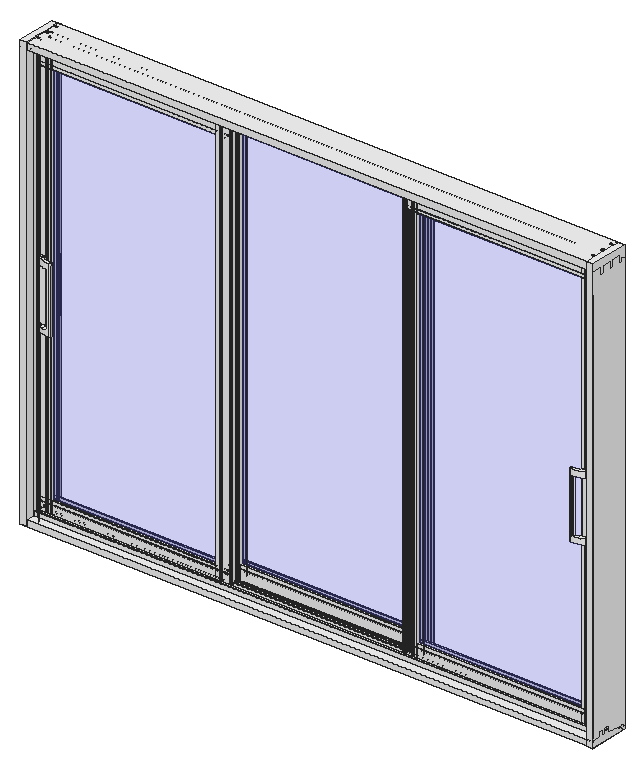
Revit family "Patio-Door_R-550-2-0_3-Light_XOX_7in_Novatech", category Doors, host Wall, Revit 2026
Family settings
  Host = Wall
  Classification Number = 23.30.10.00
  Always vertical = Yes
  Cut with Voids When Loaded = No
  Shared = No
  Room Calculation Point = No
Parameters (values of type "105"W X 79 1/2"H")
  Width Sash X = (Width / 3) + 101/128"  # 35 101/128"
  Width Sash O = (Width / 3) + 101/128"  # 35 101/128"
  Specification = "https://www.arcat.com/company/novatech-group-51586/spec"
  Product Page URL = "https://www.arcat.com/arcatcos/cos51/arc51586.html"
  Model_Sash to Reference Line = (Width - 2 37/128") / 3  # 34.23698"
  View Handle = yes
  URL = "https://www.groupenovatech.com/en_canada_ontario/products/patio‐doors/550.html"
  Thickness = 7 1/4"
  Rough Width = Width + 1/2"  # 105 1/2"
  Rough Height = Height + 1/2"  # 80"
  Panel Material = Glass
  Model = "550"
  Manufacturer = "Novatech"
  Look Handle = yes
  Keynote = "08 32 00"
  Height Sash X = Height - 3 37/64"  # 75 59/64"
  Height Sash O = Height - 3 37/64"  # 75 59/64"
  Hardware Material = Aluminum
  Handle Height = 38"
  Function = Interior
  Height = 79 1/2"
  Wall Closure = By host
  Width = 105"
  Frame Material = Aluminum
  Define Thermal Properties by = Schematic Type
  Copyright = "ARCAT"
  CAD Details = "https://www.arcat.com/company/novatech-group-51586/cad"
  Analytic Construction = "<None>"
Reference planes (in)
  plane 1 "Center (Front/Back)": y = 0
  plane 2 "Center (Left/Right)": x = 0
  plane 3 "Left": x = -52.5
  plane 4 "Right": x = 52.5
  plane 5 "Top": z = 79.5
  plane 6 "Exterior": y = 4
  plane 7 "Interior": y = -4
  plane 8: x = -51.35236
  plane 9: z = 1.63526
  plane 10: z = 77.55713
  plane 11: x = 51.35626
  plane 12: z = 38
  plane 13: x = -17.11538
  plane 14: x = 17.11928
  plane 15 "Panel 1": y = -0.84548
  plane 16 "Panel 2": y = 1.36384
Text (in)
  text "Exterior" at (-104.41165, 27.31104, 0), in view "Ref. Level"
  text "Interior" at (-104.41165, -25.14366, 0), in view "Ref. Level"
  text "Exterior" at (0, 40.15149, 123.01588), in view "Right"
  text "Interior" at (0, -64.39139, 123.01588), in view "Right"
  text "Interior" at (0, -31.01599, 123.00693), in view "Left"
  text "Exterior" at (0, 54.57065, 123.00693), in view "Left"
Dimensions and locks (in)
  "Model_Sash to Reference Line": plane 8 to plane 13
  "Model_Sash to Reference Line": plane 14 to plane 11
  locked: plane 3 "Left" to plane 8 at 1.14764
  locked: plane 11 to plane 4 "Right" at 1.14374
  "Height": plane 5 "Top" to level
  "Handle Height": plane 12 to level
  "Width": plane 3 "Left" to plane 4 "Right"
  equal spacing: plane 3 "Left", plane 2 "Center (Left/Right)", plane 4 "Right"
  "Height Sash X": plane 10 to plane 9
  locked: plane 3 "Left" to nested 6 at 2.74076
  locked: plane 3 "Left" to nested 7 at 2.74076
  locked: nested 2 to plane 4 "Right" at 2.74072
  locked: nested 3 to plane 4 "Right" at 2.74072
  locked: plane 15 "Panel 1" to nested 6 at 0.76968
  locked: nested 7 to plane 15 "Panel 1" at 0.8878
  locked: plane 15 "Panel 1" to nested 2 at 0.77605
  locked: nested 3 to plane 15 "Panel 1" at 0.88143
  locked: plane 7 "Interior" to plane 15 "Panel 1" at 3.15452
  locked: plane 7 "Interior" to plane 16 "Panel 2" at 5.36384
  locked: plane 7 "Interior" to nested 4 at 2.71644
  locked: plane 9 to level at 1.63526
  aligned and locked: plane 6 "Exterior" to host wall
  aligned and locked: plane 7 "Interior" to host wall
  aligned and locked: plane 3 "Left" to nested 1
  aligned and locked: plane 4 "Right" to nested 1
  aligned and locked: nested 5 to plane 16 "Panel 2"
  aligned and locked: plane 8 to nested 1
  aligned and locked: nested 5 to plane 13
  aligned and locked: nested 8 to plane 13
  aligned and locked: plane 14 to nested 5
  aligned and locked: plane 14 to nested 4
  aligned and locked: plane 11 to nested 1
  aligned and locked: nested 7 to plane 12
  aligned and locked: plane 12 to nested 3
  aligned and locked: plane 12 to nested 2
  aligned and locked: nested 6 to plane 12
  aligned and locked: nested 1 to plane 7 "Interior"
  aligned and locked: plane 9 to nested 8
  aligned and locked: plane 10 to nested 8
  aligned and locked: nested 5 to plane 9
  aligned and locked: nested 5 to plane 10
  aligned and locked: nested 4 to plane 9
  aligned and locked: nested 4 to plane 10
  aligned and locked: plane 15 "Panel 1" to nested 8
Nested families (in)
  nested 1: "NOVATECH_R-550 (2.0)_3 LIGHT_XOX_7in_DOOR FRAME" at (0, 0, 0) x (-1, 0, 0) z (0, 0, 1), type "DOOR FRAME"
    with Height 79 1/2", Width 105"
  nested 2: "NOVATECH_R-550 (2.0)_3 LIGHT_XOX_7in_LOOK HANDLE" at (49.75928, -1.72691, 32) x (-1, 0, 0) z (0, 0, 1), visible <- "Look Handle", type "LOOK HANDLE"
  nested 3: "NOVATECH_R-550 (2.0)_3 LIGHT_XOX_7in_VIEW HANDLE" at (49.75928, -1.72691, 32) x (-1, 0, 0) z (0, 0, 1), visible <- "View Handle", type "VIEW HANDLE"
  nested 4: "NOVATECH_R-550 (2.0)_3 LIGHT_XOX_7in_SASH_X" at (34.23777, -0.0766, 1.63526) x (-1, 0, 0) z (0, 0, 1), type "SASH_X"
    with Width 34.23698", Height 75 59/64"
  nested 5: "NOVATECH_R-550 (2.0)_3 LIGHT_XOX_7in_SASH_O_MID" at (0.00311, 2.13353, 1.63526) x (-1, 0, 0) z (0, 0, 1), type "SASH_O_MID"
    with Width 34.23698", Height 75 59/64"
  nested 6: "NOVATECH_R-550 (2.0)_3 LIGHT_XOX_7in_LOOK HANDLE" at (-49.75924, -1.73328, 32), visible <- "Look Handle", type "LOOK HANDLE"
  nested 7: "NOVATECH_R-550 (2.0)_3 LIGHT_XOX_7in_VIEW HANDLE" at (-49.75924, -1.73328, 32), visible <- "View Handle", type "VIEW HANDLE"
  nested 8: "NOVATECH_R-550 (2.0)_3 LIGHT_XOX_7in_SASH_X" at (-34.23387, -0.0758, 1.63526), type "SASH_X"
    with Width 34.23698", Height 75 59/64"
Definition of nested family "NOVATECH_R-550 (2.0)_3 LIGHT_XOX_7in_DOOR FRAME"
  Parameters (values of type "DOOR FRAME")
    Function = (empty or 0)
    Height = 81"
    Wall Closure = (empty or 0)
    Width = 82 1/2"
    Frame Thickness = 7.24409"
    Frame Material = none
    Define Thermal Properties by = 1
    Analytic Construction = "<None>"
  Reference planes (in)
    plane 1 "Center (Front/Back)": y = 0
    plane 2 "Center (Left/Right)": x = 0
    plane 3 "Left": x = -41.25
    plane 4 "Right": x = 41.25
    plane 5 "Top": z = 81
    plane 6 "Exterior": y = 4
    plane 7 "Interior": y = -4
    plane 8: y = -3.24409
  Lines and regions (in)
    Opening 1
      outline origin (-90, -4, 0) x (1, 0, 0) y (0, 0, 1)
        loop
          line (48.75, 0) -> (131.25, 0) -> (131.25, 81) -> (48.75, 81) -> (48.75, 0)
  Text (in)
    text "Exterior" at (-74.96733, 27.31104, 0), in view "Ref. Level"
    text "Interior" at (-74.96733, -25.14366, 0), in view "Ref. Level"
    text "Exterior" at (0, 40.15149, 123.01588), in view "Right"
    text "Interior" at (0, -64.39139, 123.01588), in view "Right"
    text "Interior" at (0, -31.01599, 123.00693), in view "Left"
    text "Exterior" at (0, 54.57065, 123.00693), in view "Left"
  Dimensions and locks (in)
    equal spacing: plane 3 "Left", plane 2 "Center (Left/Right)", plane 4 "Right"
    "Height": level to plane 5 "Top"
    "Width": plane 3 "Left" to plane 4 "Right"
    "Frame Thickness": plane 6 "Exterior" to plane 8
    aligned and locked: plane 3 "Left" to Opening 1 sketch curve
    aligned and locked: plane 5 "Top" to Opening 1 sketch curve  (x2)
    aligned and locked: Opening 1 sketch curve to plane 4 "Right"
    aligned and locked: Opening 1 sketch curve to level
    aligned and locked: plane 6 "Exterior" to host wall
    aligned and locked: plane 7 "Interior" to host wall
    aligned and locked: nested 2 to plane 3 "Left"
    aligned and locked: nested 2 to plane 4 "Right"
    aligned and locked: nested 3 to plane 6 "Exterior"
    aligned and locked: plane 3 "Left" to nested 3
    aligned and locked: level to nested 2
    aligned and locked: nested 2 to plane 6 "Exterior"
    aligned and locked: plane 6 "Exterior" to nested 1
    aligned and locked: nested 1 to plane 5 "Top"
    aligned and locked: nested 1 to plane 3 "Left"
    aligned and locked: plane 4 "Right" to nested 1
    aligned and locked: plane 6 "Exterior" to nested 4
    aligned and locked: plane 4 "Right" to nested 4
  Nested families (in)
    nested 1: "HEADER PROFILE" at (-41.25, 4.1877, 81), type "HEADER PROFILE"
      with Length 82 1/2"
    nested 2: "NOVATECH_650_2 LIGHT_SILL PROFILE" at (41.25, 4, 0) x (-1, 0, 0) z (0, 0, 1), type "SILL PROFILE"
      with built-in parameter 1001306 6.875 (stored number, unit not read)
    nested 3: "NOVATECH 650_2 LIGHT_DOOR FRAME_LEFT" at (-41.25, 4, 0) x (0, -1, 0) z (0, 0, 1), type "NOVATECH 650_2 LIGHT_DOOR FRAME_LEFT"
    nested 4: "NOVATECH 650_2 LIGHT_DOOR FRAME_RIGHT" at (41.25, 4, 0) x (0, -1, 0) z (0, 0, 1), type "NOVATECH 650_2 LIGHT_DOOR FRAME_RIGHT"
  Definition of nested family "HEADER PROFILE"
    Parameters (values of type "HEADER PROFILE")
      Length [instance] = 12"
      Frame Material = none
      Default Elevation = 0"
    Reference planes (in)
      plane 1 "Center (Front/Back)": y = -0.1877
      plane 2: z = 0
      plane 3 "Center (Left/Right)": x = 0
      plane 4: x = 12
    Forms (in)
      Extrusion 1, solid, material <- "Frame Material"
        sketch origin (0, -7.24409, -4.50465) x (0, 1, 0) y (0, 0, 1)
          loop
            line (5.13279, 3.29203) -> (7.0564, 3.29203) -> (7.0564, 4.50465) -> (-0.1877, 4.50465) -> (-0.1877, 2.55546)
            arc (-0.1877, 2.55546) -> (-0.1552, 2.52297) -> (-0.1227, 2.55547) r 0.0325
            line (-0.1227, 2.55547) -> (-0.12276, 3.29129) -> (0.25521, 3.29129) -> (0.25521, 2.84166)
            arc (0.25521, 2.84166) -> (0.26685, 2.81816) -> (0.29261, 2.8132) r 0.02953
            arc (0.29261, 2.8132) -> (0.31836, 2.81816) -> (0.33, 2.84166) r 0.02953
            line (0.33, 2.84166) -> (0.33, 3.29129) -> (0.69423, 3.29129) -> (0.69423, 2.19955)
            arc (0.69423, 2.19955) -> (0.7118, 2.15713) -> (0.75422, 2.13956) r 0.05999
            line (0.75422, 2.13956) -> (0.81522, 2.13956)
            arc (0.81522, 2.13956) -> (0.85764, 2.15713) -> (0.87521, 2.19955) r 0.05999
            line (0.87521, 2.19955) -> (0.87521, 2.25259)
            arc (0.87521, 2.25259) -> (0.84972, 2.26998) -> (0.82422, 2.25259) r 0.02739
            line (0.82422, 2.25259) -> (0.82422, 2.20455) -> (0.77268, 2.20455)
            arc (0.77268, 2.20455) -> (0.75528, 2.2213) -> (0.75922, 2.24512) r 0.02594
            arc (0.75922, 2.24512) -> (0.77544, 2.26759) -> (0.75922, 2.29005) r 0.02367
            line (0.75922, 2.29005) -> (0.75922, 2.33559)
            arc (0.75922, 2.33559) -> (0.77473, 2.35806) -> (0.75922, 2.38052) r 0.02403
            line (0.75922, 2.38052) -> (0.75922, 2.42611)
            arc (0.75922, 2.42611) -> (0.7747, 2.44857) -> (0.75922, 2.47104) r 0.02404
            arc (0.75922, 2.47104) -> (0.75299, 2.49662) -> (0.77468, 2.51157) r 0.02321
            line (0.77468, 2.51157) -> (0.82422, 2.51157) -> (0.82422, 2.46357)
            arc (0.82422, 2.46357) -> (0.84972, 2.44456) -> (0.87521, 2.46357) r 0.0266
            line (0.87521, 2.46357) -> (0.87521, 3.29129) -> (2.68703, 3.29129) -> (2.68703, 2.46238)
            arc (2.68703, 2.46238) -> (2.71103, 2.44596) -> (2.73803, 2.45675) r 0.03088
            line (2.73803, 2.45675) -> (2.73803, 2.49661)
            arc (2.73803, 2.49661) -> (2.76353, 2.51731) -> (2.78902, 2.49661) r 0.02605
            line (2.78902, 2.49661) -> (2.78902, 2.21955)
            arc (2.78902, 2.21955) -> (2.76353, 2.20165) -> (2.73803, 2.21955) r 0.02711
            line (2.73803, 2.21955) -> (2.73803, 2.25254)
            arc (2.73803, 2.25254) -> (2.71253, 2.26976) -> (2.68703, 2.25254) r 0.02749
            line (2.68703, 2.25254) -> (2.68703, 2.19955)
            arc (2.68703, 2.19955) -> (2.70461, 2.15713) -> (2.74703, 2.13956) r 0.05999
            line (2.74703, 2.13956) -> (2.98101, 2.13956)
            arc (2.98101, 2.13956) -> (3.02343, 2.15713) -> (3.041, 2.19955) r 0.05999
            line (3.041, 2.19955) -> (3.041, 2.25254)
            arc (3.041, 2.25254) -> (3.0155, 2.27015) -> (2.99, 2.25254) r 0.02726
            line (2.99, 2.25254) -> (2.99, 2.21955)
            arc (2.99, 2.21955) -> (2.96451, 2.20197) -> (2.93901, 2.21955) r 0.02728
            line (2.93901, 2.21955) -> (2.93901, 2.49661)
            arc (2.93901, 2.49661) -> (2.96451, 2.51514) -> (2.99, 2.49661) r 0.02681
            line (2.99, 2.49661) -> (2.99, 2.46362)
            arc (2.99, 2.46362) -> (3.0155, 2.44518) -> (3.041, 2.46362) r 0.02685
            line (3.041, 2.46362) -> (3.041, 3.29129) -> (4.85282, 3.29129) -> (4.85282, 2.60608) -> (4.85282, 2.46358)
            arc (4.85282, 2.46358) -> (4.87832, 2.44433) -> (4.90382, 2.46358) r 0.02651
            line (4.90382, 2.46358) -> (4.90382, 2.49665)
            arc (4.90382, 2.49665) -> (4.92931, 2.51514) -> (4.95481, 2.49665) r 0.02682
            line (4.95481, 2.49665) -> (4.95481, 2.21951)
            arc (4.95481, 2.21951) -> (4.92931, 2.20154) -> (4.90382, 2.21951) r 0.02707
            line (4.90382, 2.21951) -> (4.90382, 2.25258)
            arc (4.90382, 2.25258) -> (4.87832, 2.2698) -> (4.85282, 2.25258) r 0.02749
            line (4.85282, 2.25258) -> (4.85282, 2.1994)
            arc (4.85282, 2.1994) -> (4.87035, 2.15709) -> (4.91266, 2.13956) r 0.05984
            line (4.91266, 2.13956) -> (5.09278, 2.13956)
            arc (5.09278, 2.13956) -> (5.12107, 2.15127) -> (5.13278, 2.17956) r 0.04
            line (5.13278, 2.17956) -> (5.13279, 3.29203)
        from 0 to 12
    Dimensions and locks (in)
      "Length": plane 3 "Center (Left/Right)" to plane 4
      aligned and locked: plane 2 to level
      aligned and locked: Extrusion 1 to plane 4
      aligned and locked: Extrusion 1 to plane 3 "Center (Left/Right)"
    Automatic sketch dimensions
      Extrusion 1 sketch curve to level = 0"
      plane 1 "Center (Front/Back)" to Extrusion 1 sketch curve = 7.24409"
      Extrusion 1 sketch curve to Extrusion 1 sketch curve = 0.0325"  (x2)
      Extrusion 1 sketch curve to Extrusion 1 sketch curve = 0.03244"
      Extrusion 1 sketch curve to Extrusion 1 sketch curve = 0.37797"
      Extrusion 1 sketch curve to Extrusion 1 sketch curve = 0"  (x15)
      Extrusion 1 sketch curve to Extrusion 1 sketch curve = 0.02953"  (x2)
      Extrusion 1 sketch curve to Extrusion 1 sketch curve = 0.01574"
      Extrusion 1 sketch curve to Extrusion 1 sketch curve = 0.0748"
      Extrusion 1 sketch curve to Extrusion 1 sketch curve = 0.36423"
      Extrusion 1 sketch curve to Extrusion 1 sketch curve = 0.05643"
      Extrusion 1 sketch curve to Extrusion 1 sketch curve = 0.00004"
      Extrusion 1 sketch curve to Extrusion 1 sketch curve = 0.05754"
      Extrusion 1 sketch curve to Extrusion 1 sketch curve = 0.05999"  (x2)
      Extrusion 1 sketch curve to Extrusion 1 sketch curve = 0.00745"
      Extrusion 1 sketch curve to Extrusion 1 sketch curve = 0.00852"
      Extrusion 1 sketch curve to Extrusion 1 sketch curve = 0.01845"
      Extrusion 1 sketch curve to Extrusion 1 sketch curve = 0.02402"
      Extrusion 1 sketch curve to Extrusion 1 sketch curve = 0.00722"
      Extrusion 1 sketch curve to Extrusion 1 sketch curve = 0.04254"
      Extrusion 1 sketch curve to Extrusion 1 sketch curve = 0.009"  (x4)
      Extrusion 1 sketch curve to Extrusion 1 sketch curve = 0.04954"
      Extrusion 1 sketch curve to Extrusion 1 sketch curve = 0.0255"  (x24)
      Extrusion 1 sketch curve to Extrusion 1 sketch curve = 0.18098"
      Extrusion 1 sketch curve to Extrusion 1 sketch curve = 1.81182"  (x2)
      Extrusion 1 sketch curve to Extrusion 1 sketch curve = 0.02738"
      Extrusion 1 sketch curve to Extrusion 1 sketch curve = 0.02361"
      Extrusion 1 sketch curve to level = 2.00804"
      Extrusion 1 sketch curve to level = 2.2851"
      Extrusion 1 sketch curve to Extrusion 1 sketch curve = 0.14999"
      Extrusion 1 sketch curve to Extrusion 1 sketch curve = 0.0165"
      Extrusion 1 sketch curve to level = 1.21336"
      Extrusion 1 sketch curve to Extrusion 1 sketch curve = 0.00885"  (x2)
      Extrusion 1 sketch curve to level = 2.008"
      Extrusion 1 sketch curve to level = 2 73/256"
      Extrusion 1 sketch curve to Extrusion 1 sketch curve = 0.13797"
      Extrusion 1 sketch curve to level = 2.32509"
      Extrusion 1 sketch curve to Extrusion 1 sketch curve = 0.04"  (x2)
      Extrusion 1 sketch curve to level = 1.21262"
      Extrusion 1 sketch curve to Extrusion 1 sketch curve = 0.27997"
      Extrusion 1 sketch curve to Extrusion 1 sketch curve = 1.9236"
      Extrusion 1 sketch curve to Extrusion 1 sketch curve = 0.07999"  (x2)
      Extrusion 1 sketch curve to Extrusion 1 sketch curve = 0.07995"
      Extrusion 1 sketch curve to Extrusion 1 sketch curve = 0.005"
      Extrusion 1 sketch curve to Extrusion 1 sketch curve = 0.02"
      Extrusion 1 sketch curve to Extrusion 1 sketch curve = 0.0091"
      Extrusion 1 sketch curve to Extrusion 1 sketch curve = 0.0092"
      Extrusion 1 sketch curve to Extrusion 1 sketch curve = 0.00969"
      Extrusion 1 sketch curve to Extrusion 1 sketch curve = 0.02491"
      Extrusion 1 sketch curve to Extrusion 1 sketch curve = 0.02272"
      Extrusion 1 sketch curve to Extrusion 1 sketch curve = 0.0228"
      Extrusion 1 sketch curve to Extrusion 1 sketch curve = 0.03804"
      Extrusion 1 sketch curve to Extrusion 1 sketch curve = 0.02334"
      Extrusion 1 sketch curve to Extrusion 1 sketch curve = 0.01027"
      Extrusion 1 sketch curve to Extrusion 1 sketch curve = 0.00965"
      Extrusion 1 sketch curve to Extrusion 1 sketch curve = 0.01026"
      Extrusion 1 sketch curve to Extrusion 1 sketch curve = 0.01"
      Extrusion 1 sketch curve to Extrusion 1 sketch curve = 0.03813"
      Extrusion 1 sketch curve to Extrusion 1 sketch curve = 0.02246"  (x3)
      Extrusion 1 sketch curve to Extrusion 1 sketch curve = 0.04554"
      Extrusion 1 sketch curve to Extrusion 1 sketch curve = 0.04558"
      Extrusion 1 sketch curve to Extrusion 1 sketch curve = 0.03986"
      Extrusion 1 sketch curve to Extrusion 1 sketch curve = 0.00563"
      Extrusion 1 sketch curve to Extrusion 1 sketch curve = 0.03746"
      Extrusion 1 sketch curve to Extrusion 1 sketch curve = 0.03306"
      Extrusion 1 sketch curve to Extrusion 1 sketch curve = 0.21108"
      Extrusion 1 sketch curve to Extrusion 1 sketch curve = 0.00726"
      Extrusion 1 sketch curve to Extrusion 1 sketch curve = 0.00759"
      Extrusion 1 sketch curve to Extrusion 1 sketch curve = 0.0084"
      Extrusion 1 sketch curve to Extrusion 1 sketch curve = 0.00833"
      Extrusion 1 sketch curve to Extrusion 1 sketch curve = 0.02471"
      Extrusion 1 sketch curve to Extrusion 1 sketch curve = 0.03978"
      Extrusion 1 sketch curve to Extrusion 1 sketch curve = 0.00535"
      Extrusion 1 sketch curve to Extrusion 1 sketch curve = 0.00828"
      Extrusion 1 sketch curve to Extrusion 1 sketch curve = 0.0404"
      Extrusion 1 sketch curve to Extrusion 1 sketch curve = 0.10689"
      Extrusion 1 sketch curve to Extrusion 1 sketch curve = 0.10943"
      Extrusion 1 sketch curve to Extrusion 1 sketch curve = 0.28619"
      Extrusion 1 sketch curve to Extrusion 1 sketch curve = 0.44963"
      Extrusion 1 sketch curve to Extrusion 1 sketch curve = 0.79468"
  Definition of nested family "NOVATECH_650_2 LIGHT_SILL PROFILE"
    Parameters (values of type "SILL PROFILE")
      built-in parameter 1001306 [instance] = 54"
      Frame Material = none
      Default Elevation = 0"
    Reference planes (in)
      plane 1 "Center (Front/Back)": y = 0
      plane 2: z = 0
      plane 3 "Left": x = 0
      plane 4 "Right": x = 54
    Forms (in)
      Extrusion 1, solid, material <- "Frame Material"
        sketch origin (0, 0, 0) x (0, 1, 0) y (0, 0, 1)
          loop
            line (-1.60466, 2.01964) -> (-1.97166, 2.01964)
            arc (-1.97166, 2.01964) -> (-1.99393, 2.01041) -> (-2.00316, 1.98814) r 0.0315
            line (-2.00316, 1.98814) -> (-2.00316, 1.24798)
            arc (-2.00316, 1.24798) -> (-2.00893, 1.23406) -> (-2.02284, 1.22829) r 0.01969
            line (-2.02284, 1.22829) -> (-2.10717, 1.22829) -> (-2.76167, 1.2049)
            arc (-2.76167, 1.2049) -> (-2.77604, 1.21041) -> (-2.78206, 1.22458) r 0.01969
            line (-2.78206, 1.22458) -> (-2.78206, 2.04394) -> (-2.85705, 2.04394) -> (-2.85705, 1.93761) -> (-3.02547, 1.93761)
            arc (-3.02547, 1.93761) -> (-3.04635, 1.92896) -> (-3.055, 1.90808) r 0.02953
            line (-3.055, 1.90808) -> (-3.055, 1.8555) -> (-2.99779, 1.88924) -> (-2.99779, 1.76041)
            arc (-2.99779, 1.76041) -> (-3.00356, 1.74649) -> (-3.01748, 1.74072) r 0.01969
            line (-3.01748, 1.74072) -> (-3.09699, 1.74072) -> (-3.1765, 1.74072)
            arc (-3.1765, 1.74072) -> (-3.19042, 1.74649) -> (-3.19619, 1.76041) r 0.01969
            line (-3.19619, 1.76041) -> (-3.19619, 1.88924) -> (-3.13899, 1.8555) -> (-3.13899, 1.90808)
            arc (-3.13899, 1.90808) -> (-3.14763, 1.92896) -> (-3.16851, 1.93761) r 0.02953
            line (-3.16851, 1.93761) -> (-3.33693, 1.93761) -> (-3.33693, 2.04394) -> (-3.41192, 2.04394) -> (-3.41192, 1.48427)
            arc (-3.41192, 1.48427) -> (-3.40452, 1.46889) -> (-3.38788, 1.46507) r 0.01969
            line (-3.38788, 1.46507) -> (-3.3176, 1.48102)
            arc (-3.3176, 1.48102) -> (-3.30096, 1.47721) -> (-3.29356, 1.46183) r 0.01969
            line (-3.29356, 1.46183) -> (-3.29356, 1.18628) -> (-4.97076, 0.93481) -> (-4.97076, 0.87524)
            arc (-4.97076, 0.87524) -> (-4.9641, 0.86049) -> (-4.94863, 0.85571) r 0.01969
            line (-4.94863, 0.85571) -> (-4.91414, 0.86002)
            arc (-4.91414, 0.86002) -> (-4.89867, 0.85524) -> (-4.89202, 0.84049) r 0.01969
            line (-4.89202, 0.84049) -> (-4.89202, 0.77725)
            arc (-4.89202, 0.77725) -> (-4.89778, 0.76333) -> (-4.9117, 0.75756) r 0.01969
            line (-4.9117, 0.75756) -> (-5.072, 0.75756)
            arc (-5.072, 0.75756) -> (-5.08592, 0.76333) -> (-5.09168, 0.77726) r 0.01969
            line (-5.09168, 0.77726) -> (-5.09164, 0.89401)
            arc (-5.09164, 0.89401) -> (-5.09848, 0.90893) -> (-5.11425, 0.91348) r 0.01969
            line (-5.11425, 0.91348) -> (-5.72297, 0.82194)
            arc (-5.72297, 0.82194) -> (-5.7418, 0.81101) -> (-5.74904, 0.79048) r 0.03151
            arc (-5.74904, 0.79048) -> (-5.74236, 0.77568) -> (-5.72684, 0.77092) r 0.01971
            line (-5.72684, 0.77092) -> (-5.69246, 0.77531)
            arc (-5.69246, 0.77531) -> (-5.67696, 0.77056) -> (-5.67028, 0.75579) r 0.01969
            line (-5.67028, 0.75579) -> (-5.67028, 0.64717) -> (-6.09258, 0.64717) -> (-6.66348, 0.54995) -> (-6.66348, 0.37078)
            arc (-6.66348, 0.37078) -> (-6.66925, 0.35686) -> (-6.68316, 0.3511) r 0.01969
            line (-6.68316, 0.3511) -> (-6.79093, 0.3511) -> (-6.79093, 0.43301)
            arc (-6.79093, 0.43301) -> (-6.78324, 0.44862) -> (-6.76583, 0.45336) r 0.01969
            arc (-6.76583, 0.45336) -> (-6.74515, 0.46041) -> (-6.74373, 0.48222) r 0.01969
            line (-6.74373, 0.48222) -> (-6.77208, 0.53133) -> (-6.833, 0.52091)
            arc (-6.833, 0.52091) -> (-6.85646, 0.50749) -> (-6.86573, 0.4821) r 0.03937
            line (-6.86573, 0.4821) -> (-6.86573, 0.01969)
            arc (-6.86573, 0.01969) -> (-6.85997, 0.00577) -> (-6.84605, 0) r 0.01969
            line (-6.84605, 0) -> (0, 0) -> (0, 1.13391) -> (-1.57316, 1.13391) -> (-1.57316, 1.98814)
            arc (-1.57316, 1.98814) -> (-1.58238, 2.01041) -> (-1.60466, 2.01964) r 0.0315
          loop
            line (-2.87656, 1.97702) -> (-2.87656, 2.04394) -> (-3.0025, 2.04394) -> (-3.0025, 2.1046)
            arc (-3.0025, 2.1046) -> (-3.09699, 2.19912) -> (-3.19151, 2.10464) r 0.09451
            line (-3.19151, 2.10464) -> (-3.19153, 2.04394) -> (-3.31746, 2.04394) -> (-3.31746, 1.97702) -> (-3.13045, 1.97702) -> (-3.13045, 1.83834) -> (-3.16147, 1.83834) -> (-3.12411, 1.77508)
            arc (-3.12411, 1.77508) -> (-3.09698, 1.7596) -> (-3.06986, 1.7751) r 0.0315
            line (-3.06986, 1.7751) -> (-3.03256, 1.83834) -> (-3.06357, 1.83834) -> (-3.06357, 1.97702) -> (-2.87656, 1.97702)
          loop
            line (-6.87745, 0.01181) -> (-6.87745, 0.09008)
            arc (-6.87745, 0.09008) -> (-6.90305, 0.11568) -> (-6.92865, 0.09008) r 0.0256
            arc (-6.92865, 0.09008) -> (-6.93737, 0.07333) -> (-6.95609, 0.07086) r 0.02045
            line (-6.95609, 0.07086) -> (-7.02501, 0.07086) -> (-7.13129, 0.13258)
            arc (-7.13129, 0.13258) -> (-7.15552, 0.1411) -> (-7.18118, 0.14017) r 0.0689
            line (-7.18118, 0.14017) -> (-7.18118, 0.25595)
            arc (-7.18118, 0.25595) -> (-7.07082, 0.29546) -> (-6.99732, 0.38678) r 0.21608
            line (-6.99732, 0.38678) -> (-6.98552, 0.50797) -> (-6.75928, 0.54706)
            arc (-6.75928, 0.54706) -> (-6.73813, 0.53865) -> (-6.73103, 0.51702) r 0.02687
            line (-6.73103, 0.51702) -> (-6.73103, 0.44056) -> (-6.77921, 0.42845) -> (-6.73444, 0.37879)
            arc (-6.73444, 0.37879) -> (-6.69932, 0.37038) -> (-6.67887, 0.40014) r 0.03189
            line (-6.67887, 0.40014) -> (-6.67887, 0.55969) -> (-5.68427, 0.72708)
            arc (-5.68427, 0.72708) -> (-5.68086, 0.74806) -> (-5.69167, 0.76637) r 0.03124
            line (-5.69167, 0.76637) -> (-6.12569, 0.69171)
            arc (-6.12569, 0.69171) -> (-6.14627, 0.70023) -> (-6.15479, 0.72081) r 0.02911
            line (-6.15479, 0.72081) -> (-6.15479, 0.77263)
            arc (-6.15479, 0.77263) -> (-6.14743, 0.79042) -> (-6.12963, 0.79779) r 0.02516
            arc (-6.12963, 0.79779) -> (-6.11387, 0.8259) -> (-6.13385, 0.85118) r 0.02896
            line (-6.13385, 0.85118) -> (-6.19344, 0.85118)
            arc (-6.19344, 0.85118) -> (-6.20734, 0.84542) -> (-6.2131, 0.83152) r 0.01966
            line (-6.2131, 0.83152) -> (-6.2131, 0.6864) -> (-6.73039, 0.59916) -> (-6.73039, 0.84113)
            arc (-6.73039, 0.84113) -> (-6.75992, 0.87066) -> (-6.78945, 0.84113) r 0.02953
            line (-6.78945, 0.84113) -> (-6.78945, 0.5892) -> (-7.23971, 0.51327) -> (-7.23983, 0.46347)
            arc (-7.23983, 0.46347) -> (-7.19788, 0.40897) -> (-7.13459, 0.4359) r 0.05619
            arc (-7.13459, 0.4359) -> (-7.07593, 0.45232) -> (-7.05978, 0.39358) r 0.04298
            arc (-7.05978, 0.39358) -> (-7.12691, 0.33056) -> (-7.21783, 0.316) r 0.15703
            arc (-7.21783, 0.316) -> (-7.23345, 0.31137) -> (-7.24023, 0.29655) r 0.01969
            line (-7.24023, 0.29655) -> (-7.24023, 0.05364) -> (-7.17579, 0.03477) -> (-7.17579, 0.09012) -> (-7.10543, 0.04927) -> (-7.10543, 0.01181) -> (-6.87745, 0.01181)
        from 0 to 54
    Lines and regions (in)
      reference lines
        curve 1: line (0, 0, 0) -> (54, 0, 0)
    Dimensions and locks (in)
      "built-in parameter 1001306": plane 3 "Left" to plane 4 "Right"
      aligned and locked: plane 4 "Right" to curve 1
      aligned and locked: plane 1 "Center (Front/Back)" to curve 1
      aligned and locked: plane 3 "Left" to curve 1
      aligned and locked: level to plane 2
      aligned and locked: Extrusion 1 to curve 1
      aligned and locked: Extrusion 1 to plane 3 "Left"
    Automatic sketch dimensions
      Extrusion 1 sketch curve to Extrusion 1 sketch curve = 0"  (x14)
      level to Extrusion 1 sketch curve = 0.05364"
      plane 1 "Center (Front/Back)" to Extrusion 1 sketch curve = 7.24023"
      level to Extrusion 1 sketch curve = 0.46347"
      Extrusion 1 sketch curve to Extrusion 1 sketch curve = 0.00041"
      level to Extrusion 1 sketch curve = 0.51327"
      Extrusion 1 sketch curve to Extrusion 1 sketch curve = 0.00012"
      Extrusion 1 sketch curve to Extrusion 1 sketch curve = 0.01968"
      Extrusion 1 sketch curve to Extrusion 1 sketch curve = 0.04373"
      Extrusion 1 sketch curve to Extrusion 1 sketch curve = 0.01246"
      Extrusion 1 sketch curve to Extrusion 1 sketch curve = 0.05906"
      Extrusion 1 sketch curve to Extrusion 1 sketch curve = 0.00539"
      Extrusion 1 sketch curve to Extrusion 1 sketch curve = 0.0099"
      level to Extrusion 1 sketch curve = 0.13258"
      Extrusion 1 sketch curve to Extrusion 1 sketch curve = 0.04989"
      level to Extrusion 1 sketch curve = 0.04927"
      Extrusion 1 sketch curve to Extrusion 1 sketch curve = 0.06046"
      Extrusion 1 sketch curve to Extrusion 1 sketch curve = 0.08655"
      level to Extrusion 1 sketch curve = 0.07086"
      Extrusion 1 sketch curve to Extrusion 1 sketch curve = 0.08042"
      level to Extrusion 1 sketch curve = 0.38678"
      Extrusion 1 sketch curve to Extrusion 1 sketch curve = 0.09976"
      level to Extrusion 1 sketch curve = 0.50797"
      Extrusion 1 sketch curve to Extrusion 1 sketch curve = 0.0118"
      Extrusion 1 sketch curve to Extrusion 1 sketch curve = 0.06892"
      Extrusion 1 sketch curve to Extrusion 1 sketch curve = 0.00699"
      Extrusion 1 sketch curve to Extrusion 1 sketch curve = 0.04604"
      Extrusion 1 sketch curve to Extrusion 1 sketch curve = 0.0256"
      Extrusion 1 sketch curve to Extrusion 1 sketch curve = 3/256"  (x2)
      Extrusion 1 sketch curve to Extrusion 1 sketch curve = 0.01969"  (x11)
      level to Extrusion 1 sketch curve = 0.52091"
      Extrusion 1 sketch curve to Extrusion 1 sketch curve = 0.03273"
      Extrusion 1 sketch curve to Extrusion 1 sketch curve = 0.00664"
      Extrusion 1 sketch curve to Extrusion 1 sketch curve = 0.03544"
      level to Extrusion 1 sketch curve = 0.5892"
      Extrusion 1 sketch curve to Extrusion 1 sketch curve = 0.04355"
      level to Extrusion 1 sketch curve = 0.42845"
      Extrusion 1 sketch curve to Extrusion 1 sketch curve = 0.04715"
      level to Extrusion 1 sketch curve = 0.53133"
      Extrusion 1 sketch curve to Extrusion 1 sketch curve = 0.01737"
      Extrusion 1 sketch curve to Extrusion 1 sketch curve = 0.00797"
      Extrusion 1 sketch curve to Extrusion 1 sketch curve = 0.01047"
      Extrusion 1 sketch curve to Extrusion 1 sketch curve = 0.02953"  (x2)
      level to Extrusion 1 sketch curve = 0.54706"
      Extrusion 1 sketch curve to Extrusion 1 sketch curve = 0.0128"
      Extrusion 1 sketch curve to Extrusion 1 sketch curve = 0.01437"
      level to Extrusion 1 sketch curve = 0.48222"
      Extrusion 1 sketch curve to Extrusion 1 sketch curve = 0.01705"
      level to Extrusion 1 sketch curve = 0.37879"
      Extrusion 1 sketch curve to Extrusion 1 sketch curve = 0.05649"
      Extrusion 1 sketch curve to Extrusion 1 sketch curve = 0.02668"
      Extrusion 1 sketch curve to Extrusion 1 sketch curve = 0.02369"
      Extrusion 1 sketch curve to Extrusion 1 sketch curve = 0.02759"
      level to Extrusion 1 sketch curve = 0.55969"
      Extrusion 1 sketch curve to Extrusion 1 sketch curve = 0.05152"
      Extrusion 1 sketch curve to Extrusion 1 sketch curve = 0.01539"
      Extrusion 1 sketch curve to Extrusion 1 sketch curve = 0.51729"
      Extrusion 1 sketch curve to Extrusion 1 sketch curve = 0.01966"
      Extrusion 1 sketch curve to Extrusion 1 sketch curve = 0.03864"
      Extrusion 1 sketch curve to Extrusion 1 sketch curve = 0.05069"
      Extrusion 1 sketch curve to Extrusion 1 sketch curve = 0.00889"
      Extrusion 1 sketch curve to Extrusion 1 sketch curve = 0.02516"
      level to Extrusion 1 sketch curve = 0.69171"
      Extrusion 1 sketch curve to Extrusion 1 sketch curve = 0.02911"
      Extrusion 1 sketch curve to Extrusion 1 sketch curve = 0.0331"
      Extrusion 1 sketch curve to Extrusion 1 sketch curve = 0.36325"
      level to Extrusion 1 sketch curve = 0.77092"
      Extrusion 1 sketch curve to Extrusion 1 sketch curve = 0.0025"
      Extrusion 1 sketch curve to Extrusion 1 sketch curve = 0.01179"
      Extrusion 1 sketch curve to Extrusion 1 sketch curve = 0.01527"
      level to Extrusion 1 sketch curve = 0.77531"
      Extrusion 1 sketch curve to Extrusion 1 sketch curve = 0.02508"
      level to Extrusion 1 sketch curve = 0.76637"
      Extrusion 1 sketch curve to Extrusion 1 sketch curve = 0.00079"
      Extrusion 1 sketch curve to Extrusion 1 sketch curve = 0.0017"
      level to Extrusion 1 sketch curve = 0.72708"
      Extrusion 1 sketch curve to Extrusion 1 sketch curve = 0.0057"
      level to Extrusion 1 sketch curve = 0.91348"
      Extrusion 1 sketch curve to Extrusion 1 sketch curve = 0.55604"
      Extrusion 1 sketch curve to Extrusion 1 sketch curve = 0.00292"
      level to Extrusion 1 sketch curve = 0.77726"
      Extrusion 1 sketch curve to Extrusion 1 sketch curve = 0.01964"
      level to Extrusion 1 sketch curve = 0.89401"
      level to Extrusion 1 sketch curve = 0.93481"
      Extrusion 1 sketch curve to Extrusion 1 sketch curve = 0.12088"
      level to Extrusion 1 sketch curve = 0.85571"
      Extrusion 1 sketch curve to Extrusion 1 sketch curve = 0.00244"  (x3)
      level to Extrusion 1 sketch curve = 0.86002"
      Extrusion 1 sketch curve to Extrusion 1 sketch curve = 0.03449"
      Extrusion 1 sketch curve to Extrusion 1 sketch curve = 1.4801"
      Extrusion 1 sketch curve to Extrusion 1 sketch curve = 0.00436"  (x2)
      Extrusion 1 sketch curve to Extrusion 1 sketch curve = 0.07499"  (x2)
      Extrusion 1 sketch curve to Extrusion 1 sketch curve = 0.07028"
      Extrusion 1 sketch curve to Extrusion 1 sketch curve = 0.01946"
      Extrusion 1 sketch curve to Extrusion 1 sketch curve = 0.14074"
      Extrusion 1 sketch curve to Extrusion 1 sketch curve = 0.12593"
      Extrusion 1 sketch curve to Extrusion 1 sketch curve = 0.02767"  (x2)
      Extrusion 1 sketch curve to Extrusion 1 sketch curve = 0.03472"
      Extrusion 1 sketch curve to Extrusion 1 sketch curve = 0.02248"
      Extrusion 1 sketch curve to Extrusion 1 sketch curve = 0.00853"
      Extrusion 1 sketch curve to Extrusion 1 sketch curve = 0.09451"
      Extrusion 1 sketch curve to Extrusion 1 sketch curve = 0.07951"
      Extrusion 1 sketch curve to Extrusion 1 sketch curve = 0.02713"
      Extrusion 1 sketch curve to Extrusion 1 sketch curve = 0.06688"
      Extrusion 1 sketch curve to Extrusion 1 sketch curve = 0.00858"
      Extrusion 1 sketch curve to Extrusion 1 sketch curve = 0.02244"
      Extrusion 1 sketch curve to Extrusion 1 sketch curve = 0.05238"
      Extrusion 1 sketch curve to Extrusion 1 sketch curve = 0.06107"
      level to Extrusion 1 sketch curve = 2.1046"
      Extrusion 1 sketch curve to Extrusion 1 sketch curve = 0.12594"
      Extrusion 1 sketch curve to Extrusion 1 sketch curve = 0.01951"
      Extrusion 1 sketch curve to Extrusion 1 sketch curve = 0.0007"
      Extrusion 1 sketch curve to Extrusion 1 sketch curve = 0.6545"
      Extrusion 1 sketch curve to Extrusion 1 sketch curve = 0.08433"
      Extrusion 1 sketch curve to Extrusion 1 sketch curve = 0.0315"  (x2)
      Extrusion 1 sketch curve to Extrusion 1 sketch curve = 0.36701"
      Extrusion 1 sketch curve to Extrusion 1 sketch curve = 1.57316"
      Extrusion 1 sketch curve to Extrusion 1 sketch curve = 0.01887"
      Extrusion 1 sketch curve to Extrusion 1 sketch curve = 0.05118"
      Extrusion 1 sketch curve to Extrusion 1 sketch curve = 0.00788"
      Extrusion 1 sketch curve to Extrusion 1 sketch curve = 0.03822"
      Extrusion 1 sketch curve to Extrusion 1 sketch curve = 0.01921"
      Extrusion 1 sketch curve to Extrusion 1 sketch curve = 0.01713"
      Extrusion 1 sketch curve to Extrusion 1 sketch curve = 0.11578"
      Extrusion 1 sketch curve to Extrusion 1 sketch curve = 0.04055"
      Extrusion 1 sketch curve to Extrusion 1 sketch curve = 0.00005"  (x2)
      Extrusion 1 sketch curve to Extrusion 1 sketch curve = 0.02769"
      Extrusion 1 sketch curve to Extrusion 1 sketch curve = 0.02813"
      Extrusion 1 sketch curve to Extrusion 1 sketch curve = 0.00456"
      Extrusion 1 sketch curve to Extrusion 1 sketch curve = 0.00755"
      Extrusion 1 sketch curve to Extrusion 1 sketch curve = 0.00819"
      Extrusion 1 sketch curve to Extrusion 1 sketch curve = 0.00984"
      Extrusion 1 sketch curve to Extrusion 1 sketch curve = 0.0348"
      Extrusion 1 sketch curve to Extrusion 1 sketch curve = 0.00973"
      Extrusion 1 sketch curve to Extrusion 1 sketch curve = 0.0521"
      Extrusion 1 sketch curve to Extrusion 1 sketch curve = 0.04453"
      Extrusion 1 sketch curve to Extrusion 1 sketch curve = 0.03441"
      Extrusion 1 sketch curve to Extrusion 1 sketch curve = 0.08292"
      Extrusion 1 sketch curve to Extrusion 1 sketch curve = 0.05181"
      Extrusion 1 sketch curve to Extrusion 1 sketch curve = 0.01955"
      Extrusion 1 sketch curve to Extrusion 1 sketch curve = 0.00043"
      Extrusion 1 sketch curve to Extrusion 1 sketch curve = 0.02583"
      Extrusion 1 sketch curve to Extrusion 1 sketch curve = 0.24197"
      Extrusion 1 sketch curve to Extrusion 1 sketch curve = 0.97069"
      Extrusion 1 sketch curve to Extrusion 1 sketch curve = 0.91832"
      Extrusion 1 sketch curve to Extrusion 1 sketch curve = 0.01862"
      Extrusion 1 sketch curve to Extrusion 1 sketch curve = 0.09438"
      Extrusion 1 sketch curve to Extrusion 1 sketch curve = 0.27555"
      Extrusion 1 sketch curve to Extrusion 1 sketch curve = 0.01595"
      Extrusion 1 sketch curve to Extrusion 1 sketch curve = 0.36388"
      Extrusion 1 sketch curve to Extrusion 1 sketch curve = 0.03437"
      Extrusion 1 sketch curve to Extrusion 1 sketch curve = 0.016"
      Extrusion 1 sketch curve to Extrusion 1 sketch curve = 0.04724"
      Extrusion 1 sketch curve to Extrusion 1 sketch curve = 0.06324"
      Extrusion 1 sketch curve to Extrusion 1 sketch curve = 0.01716"  (x2)
      Extrusion 1 sketch curve to Extrusion 1 sketch curve = 0.0509"  (x2)
      Extrusion 1 sketch curve to Extrusion 1 sketch curve = 0.05258"
      Extrusion 1 sketch curve to Extrusion 1 sketch curve = 0.01884"
      Extrusion 1 sketch curve to Extrusion 1 sketch curve = 0.03941"  (x2)
      Extrusion 1 sketch curve to Extrusion 1 sketch curve = 0.74016"
      Extrusion 1 sketch curve to Extrusion 1 sketch curve = 0.06066"
      Extrusion 1 sketch curve to Extrusion 1 sketch curve = 0.06693"
      level to Extrusion 1 sketch curve = 0.43301"
      Extrusion 1 sketch curve to Extrusion 1 sketch curve = 0.00506"
      Extrusion 1 sketch curve to Extrusion 1 sketch curve = 0.00035"
      Extrusion 1 sketch curve to Extrusion 1 sketch curve = 0.00544"
      level to Extrusion 1 sketch curve = 0.82203"
      Extrusion 1 sketch curve to Extrusion 1 sketch curve = 0.02716"
  Definition of nested family "NOVATECH 650_2 LIGHT_DOOR FRAME_LEFT"
    Parameters (values of type "NOVATECH 650_2 LIGHT_DOOR FRAME_LEFT")
      Length = 81"
      Frame Material = none
      Default Elevation = 0"
    Reference planes (in)
      plane 1 "Center (Front/Back)": y = 0
      plane 2: z = 0
      plane 3 "Center (Left/Right)": x = 0
      plane 4: z = 81
    Forms (in)
      Extrusion 1, solid, material <- "Frame Material"
        sketch origin (0, 0, 0) x (1, 0, 0) y (0, 1, 0)
          loop
            line (7.24408, 0) -> (0, 0) -> (0, -1.16928)
            arc (0, -1.16928) -> (0.0147, -1.20478) -> (0.0502, -1.21948) r 0.0502
            line (0.0502, -1.21948) -> (1.57798, -1.21948) -> (1.57798, -1.29289)
            arc (1.57798, -1.29289) -> (1.58374, -1.30681) -> (1.59766, -1.31257) r 0.01969
            line (1.59766, -1.31257) -> (2.00881, -1.31257)
            arc (2.00881, -1.31257) -> (2.02273, -1.31834) -> (2.0285, -1.33226) r 0.01969
            line (2.0285, -1.33226) -> (2.0285, -1.81177)
            arc (2.0285, -1.81177) -> (2.04603, -1.85408) -> (2.08834, -1.87161) r 0.05984
            line (2.08834, -1.87161) -> (2.14964, -1.87161)
            arc (2.14964, -1.87161) -> (2.19195, -1.85408) -> (2.20948, -1.81177) r 0.05984
            line (2.20948, -1.81177) -> (2.20948, -1.75854)
            arc (2.20948, -1.75854) -> (2.18398, -1.74046) -> (2.15849, -1.75854) r 0.02702
            line (2.15849, -1.75854) -> (2.15849, -1.80662) -> (2.10845, -1.80662)
            arc (2.10845, -1.80662) -> (2.08684, -1.79171) -> (2.09308, -1.7662) r 0.02313
            arc (2.09308, -1.7662) -> (2.10868, -1.7438) -> (2.09349, -1.72111) r 0.02421
            line (2.09349, -1.72111) -> (2.09349, -1.67509)
            arc (2.09349, -1.67509) -> (2.10939, -1.65287) -> (2.09349, -1.63065) r 0.02348
            line (2.09349, -1.63065) -> (2.09349, -1.58506)
            arc (2.09349, -1.58506) -> (2.10847, -1.5626) -> (2.09349, -1.54013) r 0.02434
            arc (2.09349, -1.54013) -> (2.08843, -1.51424) -> (2.11039, -1.4996) r 0.02379
            line (2.11039, -1.4996) -> (2.15849, -1.4996) -> (2.15849, -1.54764)
            arc (2.15849, -1.54764) -> (2.18398, -1.56557) -> (2.20948, -1.54764) r 0.02709
            line (2.20948, -1.54764) -> (2.20948, -1.14764) -> (4.02138, -1.14764) -> (4.02138, -1.54755)
            arc (4.02138, -1.54755) -> (4.04688, -1.56652) -> (4.07238, -1.54755) r 0.02662
            line (4.07238, -1.54755) -> (4.07238, -1.51456)
            arc (4.07238, -1.51456) -> (4.09788, -1.49629) -> (4.12337, -1.51456) r 0.02693
            line (4.12337, -1.51456) -> (4.12337, -1.79162)
            arc (4.12337, -1.79162) -> (4.09788, -1.80869) -> (4.07238, -1.79162) r 0.02757
            line (4.07238, -1.79162) -> (4.07238, -1.75863)
            arc (4.07238, -1.75863) -> (4.04688, -1.73987) -> (4.02138, -1.75863) r 0.02671
            line (4.02138, -1.75863) -> (4.02138, -1.81162)
            arc (4.02138, -1.81162) -> (4.03896, -1.85404) -> (4.08138, -1.87161) r 0.05999
            line (4.08138, -1.87161) -> (4.31535, -1.87161)
            arc (4.31535, -1.87161) -> (4.35778, -1.85404) -> (4.37535, -1.81162) r 0.05999
            line (4.37535, -1.81162) -> (4.37535, -1.75863)
            arc (4.37535, -1.75863) -> (4.34985, -1.74108) -> (4.32435, -1.75863) r 0.0273
            line (4.32435, -1.75863) -> (4.32435, -1.79162)
            arc (4.32435, -1.79162) -> (4.29886, -1.80965) -> (4.27336, -1.79162) r 0.02704
            line (4.27336, -1.79162) -> (4.27336, -1.51456)
            arc (4.27336, -1.51456) -> (4.29886, -1.49669) -> (4.32435, -1.51456) r 0.02713
            line (4.32435, -1.51456) -> (4.32435, -1.54755)
            arc (4.32435, -1.54755) -> (4.34985, -1.56449) -> (4.37535, -1.54755) r 0.02766
            line (4.37535, -1.54755) -> (4.37535, -1.14764) -> (6.187, -1.14764) -> (6.187, -1.5477)
            arc (6.187, -1.5477) -> (6.2125, -1.56397) -> (6.23799, -1.5477) r 0.02812
            line (6.23799, -1.5477) -> (6.23799, -1.49971) -> (6.28799, -1.49971)
            arc (6.28799, -1.49971) -> (6.3096, -1.51475) -> (6.30299, -1.54024) r 0.02304
            arc (6.30299, -1.54024) -> (6.28665, -1.5627) -> (6.30299, -1.58516) r 0.02361
            line (6.30299, -1.58516) -> (6.30299, -1.63075)
            arc (6.30299, -1.63075) -> (6.28703, -1.6538) -> (6.30299, -1.67686) r 0.02463
            line (6.30299, -1.67686) -> (6.30299, -1.72122)
            arc (6.30299, -1.72122) -> (6.2876, -1.74366) -> (6.30299, -1.7661) r 0.02406
            arc (6.30299, -1.7661) -> (6.30907, -1.79179) -> (6.2873, -1.80672) r 0.02334
            line (6.2873, -1.80672) -> (6.23799, -1.80672) -> (6.23799, -1.75868)
            arc (6.23799, -1.75868) -> (6.2125, -1.74072) -> (6.187, -1.75868) r 0.02708
            line (6.187, -1.75868) -> (6.187, -1.81172)
            arc (6.187, -1.81172) -> (6.20457, -1.85414) -> (6.24699, -1.87171) r 0.05999
            line (6.24699, -1.87171) -> (6.30792, -1.87171)
            arc (6.30792, -1.87171) -> (6.35023, -1.85419) -> (6.36776, -1.81187) r 0.05984
            line (6.36776, -1.81187) -> (6.36776, -1.14764) -> (7.17912, -1.14764) -> (7.17912, -1.56467)
            arc (7.17912, -1.56467) -> (7.21232, -1.5957) -> (7.24408, -1.56321) r 0.0325
            line (7.24408, -1.56321) -> (7.24408, 0)
        from 0 to 81
    Dimensions and locks (in)
      "Length": plane 4 to level
      aligned and locked: plane 2 to level
      aligned and locked: plane 4 to Extrusion 1
      aligned and locked: Extrusion 1 to level
    Automatic sketch dimensions
      plane 1 "Center (Front/Back)" to Extrusion 1 sketch curve = 0"
      plane 3 "Center (Left/Right)" to Extrusion 1 sketch curve = 7.24408"
      Extrusion 1 sketch curve to Extrusion 1 sketch curve = 0.0325"
      Extrusion 1 sketch curve to Extrusion 1 sketch curve = 0.03246"
      Extrusion 1 sketch curve to Extrusion 1 sketch curve = 0.81136"
      Extrusion 1 sketch curve to Extrusion 1 sketch curve = 0.05609"
      Extrusion 1 sketch curve to Extrusion 1 sketch curve = 0.05611"
      Extrusion 1 sketch curve to Extrusion 1 sketch curve = 0.0014"
      Extrusion 1 sketch curve to Extrusion 1 sketch curve = 0.05984"  (x2)
      Extrusion 1 sketch curve to Extrusion 1 sketch curve = 0.00867"  (x2)
      Extrusion 1 sketch curve to Extrusion 1 sketch curve = 0.00868"
      Extrusion 1 sketch curve to Extrusion 1 sketch curve = 0.02228"
      Extrusion 1 sketch curve to Extrusion 1 sketch curve = 0.02062"
      Extrusion 1 sketch curve to Extrusion 1 sketch curve = 0.04031"
      Extrusion 1 sketch curve to Extrusion 1 sketch curve = 0.009"  (x4)
      Extrusion 1 sketch curve to Extrusion 1 sketch curve = 0.05"
      Extrusion 1 sketch curve to Extrusion 1 sketch curve = 0.0255"  (x23)
      Extrusion 1 sketch curve to Extrusion 1 sketch curve = 0.18076"
      Extrusion 1 sketch curve to Extrusion 1 sketch curve = 1.81165"
      plane 1 "Center (Front/Back)" to Extrusion 1 sketch curve = 1.54755"  (x2)
      Extrusion 1 sketch curve to Extrusion 1 sketch curve = 0"  (x5)
      plane 1 "Center (Front/Back)" to Extrusion 1 sketch curve = 1.51456"  (x2)
      plane 1 "Center (Front/Back)" to Extrusion 1 sketch curve = 1.79162"  (x2)
      Extrusion 1 sketch curve to Extrusion 1 sketch curve = 0.14999"  (x2)
      Extrusion 1 sketch curve to Extrusion 1 sketch curve = 0.042"
      Extrusion 1 sketch curve to Extrusion 1 sketch curve = 0.0165"
      Extrusion 1 sketch curve to Extrusion 1 sketch curve = 0.35397"
      Extrusion 1 sketch curve to Extrusion 1 sketch curve = 1.8119"
      Extrusion 1 sketch curve to Extrusion 1 sketch curve = 0.00885"  (x2)
      Extrusion 1 sketch curve to Extrusion 1 sketch curve = 0.0481"
      Extrusion 1 sketch curve to Extrusion 1 sketch curve = 0.04119"
      Extrusion 1 sketch curve to Extrusion 1 sketch curve = 0.06499"
      Extrusion 1 sketch curve to Extrusion 1 sketch curve = 0.0169"
      Extrusion 1 sketch curve to Extrusion 1 sketch curve = 0.0613"
      Extrusion 1 sketch curve to Extrusion 1 sketch curve = 0.02011"
      Extrusion 1 sketch curve to Extrusion 1 sketch curve = 0.00758"
      Extrusion 1 sketch curve to Extrusion 1 sketch curve = 0.00902"
      Extrusion 1 sketch curve to Extrusion 1 sketch curve = 0.00936"
      Extrusion 1 sketch curve to Extrusion 1 sketch curve = 0.01969"  (x2)
      Extrusion 1 sketch curve to Extrusion 1 sketch curve = 0.41115"
      Extrusion 1 sketch curve to Extrusion 1 sketch curve = 1.52778"
      Extrusion 1 sketch curve to Extrusion 1 sketch curve = 0.0502"
      plane 1 "Center (Front/Back)" to Extrusion 1 sketch curve = 1.80662"
      plane 1 "Center (Front/Back)" to Extrusion 1 sketch curve = 1.80672"
      Extrusion 1 sketch curve to Extrusion 1 sketch curve = 0.02"  (x2)
      Extrusion 1 sketch curve to Extrusion 1 sketch curve = 0.005"
      Extrusion 1 sketch curve to Extrusion 1 sketch curve = 0.00515"  (x2)
      Extrusion 1 sketch curve to Extrusion 1 sketch curve = 0.02313"
      Extrusion 1 sketch curve to Extrusion 1 sketch curve = 0.02334"
      Extrusion 1 sketch curve to Extrusion 1 sketch curve = 0.0105"
      Extrusion 1 sketch curve to Extrusion 1 sketch curve = 0.02324"
      Extrusion 1 sketch curve to Extrusion 1 sketch curve = 0.03892"
      Extrusion 1 sketch curve to Extrusion 1 sketch curve = 0.03913"
      Extrusion 1 sketch curve to Extrusion 1 sketch curve = 0.02504"
      Extrusion 1 sketch curve to Extrusion 1 sketch curve = 0.00912"
      Extrusion 1 sketch curve to Extrusion 1 sketch curve = 0.00975"
      Extrusion 1 sketch curve to Extrusion 1 sketch curve = 0.00795"
      Extrusion 1 sketch curve to Extrusion 1 sketch curve = 0.00895"
      Extrusion 1 sketch curve to Extrusion 1 sketch curve = 0.03972"
      Extrusion 1 sketch curve to Extrusion 1 sketch curve = 0.03991"
      Extrusion 1 sketch curve to Extrusion 1 sketch curve = 0.02244"
      Extrusion 1 sketch curve to Extrusion 1 sketch curve = 0.02246"  (x3)
      Extrusion 1 sketch curve to Extrusion 1 sketch curve = 0.04436"
      Extrusion 1 sketch curve to Extrusion 1 sketch curve = 0.04602"
      Extrusion 1 sketch curve to Extrusion 1 sketch curve = 0.02305"
      Extrusion 1 sketch curve to Extrusion 1 sketch curve = 0.02222"
      Extrusion 1 sketch curve to Extrusion 1 sketch curve = 0.04558"  (x2)
      Extrusion 1 sketch curve to Extrusion 1 sketch curve = 0.2472"
      Extrusion 1 sketch curve to Extrusion 1 sketch curve = 0.03746"
      Extrusion 1 sketch curve to Extrusion 1 sketch curve = 0.03743"
      Extrusion 1 sketch curve to Extrusion 1 sketch curve = 0.00764"
      Extrusion 1 sketch curve to Extrusion 1 sketch curve = 0.00916"
      Extrusion 1 sketch curve to Extrusion 1 sketch curve = 0.01071"
      Extrusion 1 sketch curve to Extrusion 1 sketch curve = 0.01185"
      Extrusion 1 sketch curve to Extrusion 1 sketch curve = 0.00926"
      Extrusion 1 sketch curve to Extrusion 1 sketch curve = 0.03921"
      Extrusion 1 sketch curve to Extrusion 1 sketch curve = 0.03995"
      Extrusion 1 sketch curve to Extrusion 1 sketch curve = 0.03614"
      Extrusion 1 sketch curve to Extrusion 1 sketch curve = 0.02379"
      Extrusion 1 sketch curve to Extrusion 1 sketch curve = 0.16734"
      plane 1 "Center (Front/Back)" to Extrusion 1 sketch curve = 1.21948"
      Extrusion 1 sketch curve to Extrusion 1 sketch curve = 0.18462"
      Extrusion 1 sketch curve to Extrusion 1 sketch curve = 0.41557"
  Definition of nested family "NOVATECH 650_2 LIGHT_DOOR FRAME_RIGHT"
    Parameters (values of type "NOVATECH 650_2 LIGHT_DOOR FRAME_RIGHT")
      Length = 81"
      Frame Material = none
      Default Elevation = 0"
    Reference planes (in)
      plane 1 "Center (Front/Back)": y = 0
      plane 2: z = 0
      plane 3 "Center (Left/Right)": x = 0
      plane 4: z = 81
    Forms (in)
      Extrusion 1, solid, material <- "Frame Material"
        sketch origin (0, 0, 0) x (1, 0, 0) y (0, 1, 0)
          loop
            line (7.24408, 0) -> (0, 0) -> (0, -1.16928)
            arc (0, -1.16928) -> (0.0147, -1.20478) -> (0.0502, -1.21948) r 0.0502
            line (0.0502, -1.21948) -> (1.57798, -1.21948) -> (1.57798, -1.29289)
            arc (1.57798, -1.29289) -> (1.58374, -1.30681) -> (1.59766, -1.31257) r 0.01969
            line (1.59766, -1.31257) -> (2.00881, -1.31257)
            arc (2.00881, -1.31257) -> (2.02273, -1.31834) -> (2.0285, -1.33226) r 0.01969
            line (2.0285, -1.33226) -> (2.0285, -1.81177)
            arc (2.0285, -1.81177) -> (2.04603, -1.85408) -> (2.08834, -1.87161) r 0.05984
            line (2.08834, -1.87161) -> (2.14964, -1.87161)
            arc (2.14964, -1.87161) -> (2.19195, -1.85408) -> (2.20948, -1.81177) r 0.05984
            line (2.20948, -1.81177) -> (2.20948, -1.75854)
            arc (2.20948, -1.75854) -> (2.18398, -1.74046) -> (2.15849, -1.75854) r 0.02702
            line (2.15849, -1.75854) -> (2.15849, -1.80662) -> (2.10845, -1.80662)
            arc (2.10845, -1.80662) -> (2.08684, -1.79171) -> (2.09308, -1.7662) r 0.02313
            arc (2.09308, -1.7662) -> (2.10868, -1.7438) -> (2.09349, -1.72111) r 0.02421
            line (2.09349, -1.72111) -> (2.09349, -1.67509)
            arc (2.09349, -1.67509) -> (2.10939, -1.65287) -> (2.09349, -1.63065) r 0.02348
            line (2.09349, -1.63065) -> (2.09349, -1.58506)
            arc (2.09349, -1.58506) -> (2.10847, -1.5626) -> (2.09349, -1.54013) r 0.02434
            arc (2.09349, -1.54013) -> (2.08843, -1.51424) -> (2.11039, -1.4996) r 0.02379
            line (2.11039, -1.4996) -> (2.15849, -1.4996) -> (2.15849, -1.54764)
            arc (2.15849, -1.54764) -> (2.18398, -1.56557) -> (2.20948, -1.54764) r 0.02709
            line (2.20948, -1.54764) -> (2.20948, -1.14764) -> (4.02138, -1.14764) -> (4.02138, -1.54755)
            arc (4.02138, -1.54755) -> (4.04688, -1.56652) -> (4.07238, -1.54755) r 0.02662
            line (4.07238, -1.54755) -> (4.07238, -1.51456)
            arc (4.07238, -1.51456) -> (4.09788, -1.49629) -> (4.12337, -1.51456) r 0.02693
            line (4.12337, -1.51456) -> (4.12337, -1.79162)
            arc (4.12337, -1.79162) -> (4.09788, -1.80869) -> (4.07238, -1.79162) r 0.02757
            line (4.07238, -1.79162) -> (4.07238, -1.75863)
            arc (4.07238, -1.75863) -> (4.04688, -1.73987) -> (4.02138, -1.75863) r 0.02671
            line (4.02138, -1.75863) -> (4.02138, -1.81162)
            arc (4.02138, -1.81162) -> (4.03896, -1.85404) -> (4.08138, -1.87161) r 0.05999
            line (4.08138, -1.87161) -> (4.31535, -1.87161)
            arc (4.31535, -1.87161) -> (4.35778, -1.85404) -> (4.37535, -1.81162) r 0.05999
            line (4.37535, -1.81162) -> (4.37535, -1.75863)
            arc (4.37535, -1.75863) -> (4.34985, -1.74108) -> (4.32435, -1.75863) r 0.0273
            line (4.32435, -1.75863) -> (4.32435, -1.79162)
            arc (4.32435, -1.79162) -> (4.29886, -1.80965) -> (4.27336, -1.79162) r 0.02704
            line (4.27336, -1.79162) -> (4.27336, -1.51456)
            arc (4.27336, -1.51456) -> (4.29886, -1.49669) -> (4.32435, -1.51456) r 0.02713
            line (4.32435, -1.51456) -> (4.32435, -1.54755)
            arc (4.32435, -1.54755) -> (4.34985, -1.56449) -> (4.37535, -1.54755) r 0.02766
            line (4.37535, -1.54755) -> (4.37535, -1.14764) -> (6.187, -1.14764) -> (6.187, -1.5477)
            arc (6.187, -1.5477) -> (6.2125, -1.56397) -> (6.23799, -1.5477) r 0.02812
            line (6.23799, -1.5477) -> (6.23799, -1.49971) -> (6.28799, -1.49971)
            arc (6.28799, -1.49971) -> (6.3096, -1.51475) -> (6.30299, -1.54024) r 0.02304
            arc (6.30299, -1.54024) -> (6.28665, -1.5627) -> (6.30299, -1.58516) r 0.02361
            line (6.30299, -1.58516) -> (6.30299, -1.63075)
            arc (6.30299, -1.63075) -> (6.28703, -1.6538) -> (6.30299, -1.67686) r 0.02463
            line (6.30299, -1.67686) -> (6.30299, -1.72122)
            arc (6.30299, -1.72122) -> (6.2876, -1.74366) -> (6.30299, -1.7661) r 0.02406
            arc (6.30299, -1.7661) -> (6.30907, -1.79179) -> (6.2873, -1.80672) r 0.02334
            line (6.2873, -1.80672) -> (6.23799, -1.80672) -> (6.23799, -1.75868)
            arc (6.23799, -1.75868) -> (6.2125, -1.74072) -> (6.187, -1.75868) r 0.02708
            line (6.187, -1.75868) -> (6.187, -1.81172)
            arc (6.187, -1.81172) -> (6.20457, -1.85414) -> (6.24699, -1.87171) r 0.05999
            line (6.24699, -1.87171) -> (6.30792, -1.87171)
            arc (6.30792, -1.87171) -> (6.35023, -1.85419) -> (6.36776, -1.81187) r 0.05984
            line (6.36776, -1.81187) -> (6.36776, -1.14764) -> (7.17912, -1.14764) -> (7.17912, -1.56467)
            arc (7.17912, -1.56467) -> (7.21232, -1.5957) -> (7.24408, -1.56321) r 0.0325
            line (7.24408, -1.56321) -> (7.24408, 0)
        from 0 to 81
    Dimensions and locks (in)
      "Length": plane 4 to level
      aligned and locked: plane 2 to level
      aligned and locked: Extrusion 1 to level
      aligned and locked: plane 4 to Extrusion 1
    Automatic sketch dimensions
      plane 3 "Center (Left/Right)" to Extrusion 1 sketch curve = 2.20948"
      Extrusion 1 sketch curve to Extrusion 1 sketch curve = 0"  (x10)
      Extrusion 1 sketch curve to Extrusion 1 sketch curve = 0.0255"  (x23)
      Extrusion 1 sketch curve to Extrusion 1 sketch curve = 0.00885"  (x2)
      Extrusion 1 sketch curve to Extrusion 1 sketch curve = 0.0481"
      Extrusion 1 sketch curve to Extrusion 1 sketch curve = 0.04119"
      Extrusion 1 sketch curve to Extrusion 1 sketch curve = 0.0169"
      Extrusion 1 sketch curve to Extrusion 1 sketch curve = 0.01496"
      Extrusion 1 sketch curve to Extrusion 1 sketch curve = 0.0613"
      Extrusion 1 sketch curve to Extrusion 1 sketch curve = 0.02011"
      Extrusion 1 sketch curve to Extrusion 1 sketch curve = 0.00758"
      Extrusion 1 sketch curve to Extrusion 1 sketch curve = 0.00902"
      Extrusion 1 sketch curve to Extrusion 1 sketch curve = 0.00936"
      Extrusion 1 sketch curve to Extrusion 1 sketch curve = 0.08189"
      Extrusion 1 sketch curve to Extrusion 1 sketch curve = 0.01969"  (x2)
      Extrusion 1 sketch curve to Extrusion 1 sketch curve = 0.41115"
      Extrusion 1 sketch curve to Extrusion 1 sketch curve = 1.52778"
      Extrusion 1 sketch curve to Extrusion 1 sketch curve = 0.0502"
      plane 3 "Center (Left/Right)" to Extrusion 1 sketch curve = 4.02138"
      Extrusion 1 sketch curve to Extrusion 1 sketch curve = 0.009"  (x4)
      Extrusion 1 sketch curve to Extrusion 1 sketch curve = 0.14999"  (x2)
      Extrusion 1 sketch curve to Extrusion 1 sketch curve = 0.042"
      Extrusion 1 sketch curve to Extrusion 1 sketch curve = 0.0165"
      Extrusion 1 sketch curve to Extrusion 1 sketch curve = 0.35397"
      Extrusion 1 sketch curve to Extrusion 1 sketch curve = 1.81165"
      Extrusion 1 sketch curve to Extrusion 1 sketch curve = 0.04031"
      Extrusion 1 sketch curve to Extrusion 1 sketch curve = 0.05"
      Extrusion 1 sketch curve to Extrusion 1 sketch curve = 0.015"
      Extrusion 1 sketch curve to Extrusion 1 sketch curve = 0.06092"
      Extrusion 1 sketch curve to Extrusion 1 sketch curve = 0.00728"
      Extrusion 1 sketch curve to Extrusion 1 sketch curve = 0.00867"  (x2)
      Extrusion 1 sketch curve to Extrusion 1 sketch curve = 0.00868"
